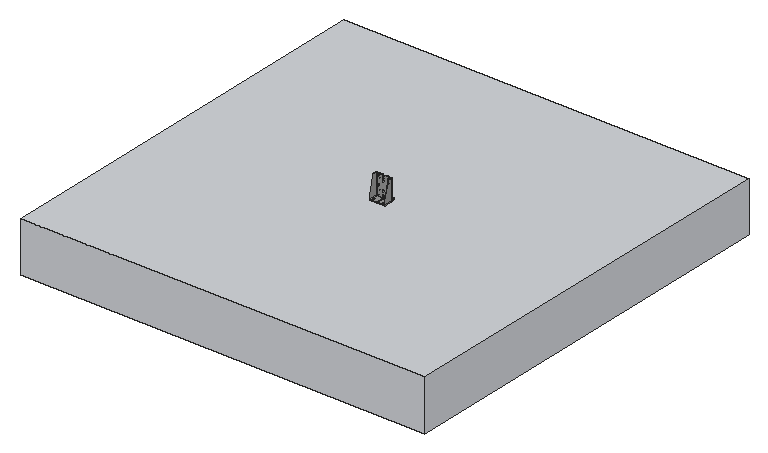
Revit family "Hekatron_Feststellanlagen_K THM-01_DE_22.01", category Brandmelder, Revit 2018
Family settings
  Basisbauteil = Fläche
  Beschriftungsausrichtung beibehalten = Ja
  Bemaßung runder Anschluss = Durchmesser verwenden
  Teiletyp = Normal
  OmniClass-Nummer = 23.85.30.21
  OmniClass-Titel = Environmental Detection/Registration
  Beim Laden mit Abzugskörper schneiden = Nein
  Gemeinsam genutzt = Nein
  Raumberechnungspunkt = Nein
Parameters (values of type "K THM-01")
  Zulässige Umgebungstemperatur = ""
  Zulässige Luftgeschwindigkeit = ""
  Zulassungen nach EN 54 = ""
  Width [instance] = 80 mm
  Version des BIM Objektes = "22.01"
  VdS-Anerkennung = ""
  URL = "https://www.hekatron-brandschutz.de"
  UB A&S Artikel Nummer = "31-6800000-01-01"
  Typenkommentare = "Konsole für Türhaftmagnete"
  Tiefe (mm) = "95.0"
  Stromaufnahme = ""
  Schutzart = ""
  Rauchteil einstellbar = ""
  Nettogewicht (g) = ""
  Montageart = "Aufputz"
  Modell = "K THM-01"
  Material = "Stahlblech"
  Link zum Datenblatt = ""
  Link zu ausschreiben.de = "http://www.ausschreiben.de/katalog/Hekatron/position/75"
  Link zu Produktinformation = ""
  Link zu Ausschreibungstext = "https://www.meinhplus.de/login"
  Leistungserklärung (DoP) = ""
  Lautstärke DIN-Ton (dB) = ""
  Kabeleinführung = ""
  Höhe (mm) = "140.0"
  Hersteller = "Hekatron"
  Heigth [instance] = 95 mm
  Funktionsprinzip = ""
  Farbe = "lichtgrau"
  Ex-Zonen = ""
  Einstellung Temperaturklasse nach EN 54-5 = ""
  Einstellung Temperaturindex nach EN 54-5 = ""
  Einstellung Rauchempfindlichkeit nach EN 54-20 = ""
  Einstellen Rauchempfindlichkeit nach EN 54-7 = ""
  EG-Konformitätszertifikat / Zertifikat der Leistungsbeständigkeit = ""
  Durchmesser (mm) = ""
  Depth [instance] = 128 mm
  Vorgabe-Ansicht = 1200 mm
  Breite (mm) = "80.0"
  Betriebsspannung = ""
  Beschreibung = "Konsole zur Boden- und Wandmontage von Türhaftmagneten. Passend für die Türhaftmagnete THM 425, THM 425-1, THM 433, THM 433-1, THM 440 bis THM 444, THM 446 und THM 447."
  Bauartgenehmigungen = ""
  Anzahl Ansaugleitungen = ""
  Ansprechtemperatur = ""
  Alarm- & Empfindlichkeitsbereich = ""
Types (2, lengths in mm): name | URL | Typenkommentare | Beschreibung
  (no name) | "www.hekatron-brandschutz.de" | 0 | 0
  K THM-01 | "https://www.hekatron-brandschutz.de" | "Konsole für Türhaftmagnete" | "Konsole zur Boden- und Wandmontage von Türhaftmagneten. Passend für die Türhaftmagnete THM 425, THM 425-1, THM 433, THM 433-1, THM 440 bis THM 444, THM 446 und THM 447."
Values of the unnamed type that differ from the named types
  Version des BIM Objektes = ""
  UB A&S Artikel Nummer = ""
  Tiefe (mm) = ""
  Montageart = ""
  Material = ""
  Link zu ausschreiben.de = ""
  Link zu Ausschreibungstext = ""
  Höhe (mm) = ""
  Farbe = ""
  Breite (mm) = ""
Reference planes
  plane 1 "Center (Front/Back)": y = 0
  plane 2: z = 0
  plane 3 "Center (Left/Right)": x = 0
Forms (mm)
  Extrusion 1, solid
    sketch origin (0, 0, 0) x (1, 0, 0) y (0, 1, 0)
      loop
        line (-1219.2, 1219.2) -> (-1219.2, -1219.2) -> (1219.2, -1219.2) -> (1219.2, 1219.2) -> (-1219.2, 1219.2)
    from 0 to -304.8
  Extrusion 2, solid, material "Steel, Mild"
    sketch origin (0, 0, 0) x (1, 0, 0) y (0, 0, 1)
      loop
        arc (42.5, 0) -> (46.036, 1.464) -> (47.5, 5) r 5
        line (47.5, 5) -> (44.5, 5)
        arc (44.5, 5) -> (43.914, 3.586) -> (42.5, 3) r 2
        line (42.5, 3) -> (5, 3) -> (5, 0) -> (42.5, 0)
      loop
        line (-5, 3) -> (-42.5, 3)
        arc (-42.5, 3) -> (-43.914, 3.586) -> (-44.5, 5) r 2
        line (-44.5, 5) -> (-47.5, 5)
        arc (-47.5, 5) -> (-46.036, 1.464) -> (-42.5, 0) r 5
        line (-42.5, 0) -> (-5, 0) -> (-5, 3)
    from -27 to 53
  Extrusion 3, solid, material "Steel, Mild"
    sketch origin (0, 0, 0) x (1, 0, 0) y (0, 1, 0)
      loop
        arc (-42.5, 0) -> (-46.036, -1.464) -> (-47.5, -5) r 5
        line (-47.5, -5) -> (-47.5, -53) -> (-44.5, -53) -> (-44.5, -5)
        arc (-44.5, -5) -> (-43.914, -3.586) -> (-42.5, -3) r 2
        line (-42.5, -3) -> (42.5, -3)
        arc (42.5, -3) -> (43.914, -3.586) -> (44.5, -5) r 2
        line (44.5, -5) -> (44.5, -53) -> (47.5, -53) -> (47.5, -5)
        arc (47.5, -5) -> (46.036, -1.464) -> (42.5, 0) r 5
        line (42.5, 0) -> (-42.5, 0)
    from 5 to 128
  Extrusion 4, void
    sketch origin (0, 0, 0) x (1, 0, 0) y (0, 1, 0)
      loop
        arc (-40.5, 17) -> (-37.571, 24.071) -> (-30.5, 27) r 10
        line (-30.5, 27) -> (-47.5, 27) -> (-47.5, -5) -> (-40.5, -5) -> (-40.5, 17)
      loop
        line (-5, 17) -> (-5, 27) -> (-15, 27)
        arc (-15, 27) -> (-7.929, 24.071) -> (-5, 17) r 10
      loop
        line (47.5, 27) -> (30.5, 27)
        arc (30.5, 27) -> (37.571, 24.071) -> (40.5, 17) r 10
        line (40.5, 17) -> (40.5, -5) -> (47.5, -5) -> (47.5, 27)
      loop
        line (15, 27) -> (5, 27) -> (5, 17)
        arc (5, 17) -> (7.929, 24.071) -> (15, 27) r 10
      loop
        circle (-30.5, 16) r 3.25
      loop
        circle (-30.5, -41) r 3.25
      loop
        circle (30.5, -41) r 3.25
      loop
        circle (30.5, 16) r 3.25
    from 0 to 5
  Extrusion 5, void
    sketch origin (0, 0, 0) x (1, 0, 0) y (0, 0, 1)
      loop
        line (-9, 128) -> (-7, 126) -> (-7, 118)
        arc (-7, 118) -> (0, 111) -> (7, 118) r 7
        line (7, 118) -> (7, 126) -> (9, 128) -> (-9, 128)
      loop
        circle (0, 98) r 7
      loop
        circle (0, 44) r 7
      loop
        circle (-25, 108) r 1.65
      loop
        circle (-27.5, 118) r 1.65
      loop
        circle (27.5, 118) r 1.65
      loop
        circle (25, 108) r 1.65
      loop
        circle (30, 72.5) r 2.1
      loop
        circle (27.5, 63) r 1.65
      loop
        circle (25, 43) r 1.65
      loop
        circle (30, 12.5) r 2.1
      loop
        line (-7, 15) -> (-7, 7) -> (-9, 5) -> (9, 5) -> (7, 7) -> (7, 15)
        arc (7, 15) -> (0, 22) -> (-7, 15) r 7
      loop
        circle (-30, 12.5) r 2.1
      loop
        circle (-25, 43) r 1.65
      loop
        circle (-27.5, 63) r 1.65
      loop
        circle (-30, 72.5) r 2.1
    from 0 to 3
  Extrusion 6, void
    sketch origin (0, 0, 0) x (0, 1, 0) y (0, 0, 1)
      loop
        arc (-27.931, 120.49) -> (-24.374, 125.903) -> (-18.246, 128) r 10
        line (-18.246, 128) -> (-53, 128) -> (-53, 23) -> (-27.931, 120.49)
      loop
        circle (-22, 73) r 5
    from -47.5 to 250
Cuts and joins
  Extrusion 4 cuts Extrusion 2
  Extrusion 4, Extrusion 5, Extrusion 6 cuts Extrusion 3
Dimensions and locks
  "Depth": cut or joined group of Extrusion 3, Extrusion 4, Extrusion 5, Extrusion 6 to Extrusion 1
  "Heigth": cut or joined group of Extrusion 3, Extrusion 4, Extrusion 5, Extrusion 6 to cut or joined group of Extrusion 3, Extrusion 4, Extrusion 5, Extrusion 6
  "Width": cut or joined group of Extrusion 2, Extrusion 4 to cut or joined group of Extrusion 2, Extrusion 4
  aligned and locked: plane 2 to Extrusion 1
  aligned and locked: level to Extrusion 1
Automatic sketch dimensions
  Extrusion 1 sketch curve to Extrusion 1 sketch curve = 2438.4 mm  (x2)
  Extrusion 2 sketch curve to Extrusion 2 sketch curve = 0 mm  (x4)
  Extrusion 2 sketch curve to level = 0 mm  (x2)
  level to Extrusion 2 sketch curve = 5 mm  (x2)
  Extrusion 2 sketch curve to plane 3 "Center (Left/Right)" = 47.5 mm
  Extrusion 2 sketch curve to Extrusion 2 sketch curve = 2 mm
  Extrusion 2 sketch curve to plane 3 "Center (Left/Right)" = 5 mm
  level to Extrusion 2 sketch curve = 3 mm
  plane 3 "Center (Left/Right)" to Extrusion 2 sketch curve = 5 mm
  Extrusion 2 sketch curve to Extrusion 2 sketch curve = 37.5 mm
  Extrusion 3 sketch curve to Extrusion 3 sketch curve = 0 mm  (x4)
  plane 1 "Center (Front/Back)" to Extrusion 3 sketch curve = 0 mm
  Extrusion 3 sketch curve to plane 3 "Center (Left/Right)" = 47.5 mm
  Extrusion 3 sketch curve to Extrusion 3 sketch curve = 3 mm
  Extrusion 3 sketch curve to Extrusion 3 sketch curve = 2 mm
  plane 1 "Center (Front/Back)" to Extrusion 3 sketch curve = 5 mm
  plane 3 "Center (Left/Right)" to Extrusion 3 sketch curve = 42.5 mm
  Extrusion 3 sketch curve to Extrusion 3 sketch curve = 48 mm  (x2)
  Extrusion 4 sketch curve to Extrusion 4 sketch curve = 0 mm  (x20)
  Extrusion 4 sketch curve to plane 3 "Center (Left/Right)" = 47.5 mm
  Extrusion 4 sketch curve to Extrusion 4 sketch curve = 7 mm  (x2)
  Extrusion 4 sketch curve to Extrusion 4 sketch curve = 10 mm  (x6)
  Extrusion 4 sketch curve to plane 3 "Center (Left/Right)" = 30.5 mm
  Extrusion 4 sketch curve to plane 3 "Center (Left/Right)" = 15 mm
  Extrusion 4 sketch curve to plane 3 "Center (Left/Right)" = 5 mm
  plane 3 "Center (Left/Right)" to Extrusion 4 sketch curve = 5 mm
  plane 3 "Center (Left/Right)" to Extrusion 4 sketch curve = 30.5 mm
  Extrusion 4 sketch curve to Extrusion 4 sketch curve = 15.5 mm
  plane 1 "Center (Front/Back)" to Extrusion 4 sketch curve = 41 mm  (x2)
  plane 1 "Center (Front/Back)" to Extrusion 4 sketch curve = 5 mm  (x2)
  Extrusion 4 sketch curve to plane 1 "Center (Front/Back)" = 16 mm  (x2)
  Extrusion 4 sketch curve to Extrusion 4 sketch curve = 1 mm  (x3)
  Extrusion 4 sketch curve to Extrusion 4 sketch curve = 3.25 mm  (x4)
  Extrusion 5 sketch curve to Extrusion 5 sketch curve = 0 mm  (x28)
  Extrusion 5 sketch curve to plane 3 "Center (Left/Right)" = 0 mm  (x4)
  Extrusion 5 sketch curve to plane 3 "Center (Left/Right)" = 7 mm  (x2)
  Extrusion 5 sketch curve to Extrusion 5 sketch curve = 2 mm  (x7)
  Extrusion 5 sketch curve to plane 3 "Center (Left/Right)" = 25 mm
  Extrusion 5 sketch curve to Extrusion 5 sketch curve = 18 mm  (x2)
  Extrusion 5 sketch curve to Extrusion 5 sketch curve = 2.5 mm  (x6)
  Extrusion 5 sketch curve to Extrusion 5 sketch curve = 21 mm  (x2)
  plane 3 "Center (Left/Right)" to Extrusion 5 sketch curve = 25 mm
  level to Extrusion 5 sketch curve = 5 mm
  level to Extrusion 5 sketch curve = 12.5 mm  (x2)
  Extrusion 5 sketch curve to Extrusion 5 sketch curve = 8 mm  (x3)
  Extrusion 5 sketch curve to Extrusion 5 sketch curve = 30.5 mm  (x2)
  Extrusion 5 sketch curve to Extrusion 5 sketch curve = 1 mm
  Extrusion 5 sketch curve to Extrusion 5 sketch curve = 20 mm  (x3)
  Extrusion 5 sketch curve to Extrusion 5 sketch curve = 9.5 mm  (x2)
  Extrusion 5 sketch curve to Extrusion 5 sketch curve = 25.5 mm
  Extrusion 5 sketch curve to Extrusion 5 sketch curve = 10 mm  (x4)
  Extrusion 5 sketch curve to Extrusion 5 sketch curve = 7 mm  (x2)
  Extrusion 5 sketch curve to Extrusion 5 sketch curve = 2.1 mm  (x4)
  Extrusion 5 sketch curve to Extrusion 5 sketch curve = 1.65 mm  (x8)
  Extrusion 6 sketch curve to Extrusion 6 sketch curve = 0 mm  (x3)
  plane 1 "Center (Front/Back)" to Extrusion 6 sketch curve = 53 mm
  Extrusion 6 sketch curve to Extrusion 6 sketch curve = 25.069 mm
  plane 1 "Center (Front/Back)" to Extrusion 6 sketch curve = 22 mm
  Extrusion 6 sketch curve to Extrusion 6 sketch curve = 9.685 mm
  level to Extrusion 6 sketch curve = 23 mm
  Extrusion 6 sketch curve to Extrusion 6 sketch curve = 50 mm
  Extrusion 6 sketch curve to Extrusion 6 sketch curve = 45 mm
  Extrusion 6 sketch curve to Extrusion 6 sketch curve = 2.49 mm
  Extrusion 6 sketch curve to Extrusion 6 sketch curve = 7.51 mm
  Extrusion 6 sketch curve to Extrusion 6 sketch curve = 5 mm
